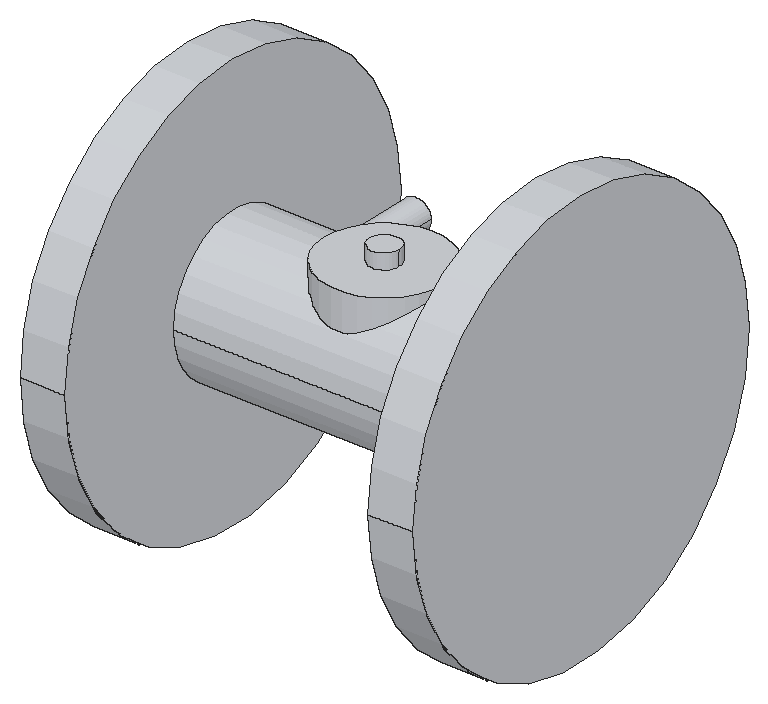
Revit family "2dced6122ee14ba4861a2d80f6b4cbbc", category Pipe Accessories, Revit 2021
Family settings
  Round Connector Dimension = Use Radius
  Part Type = Valve - Breaks Into
  OmniClass Number = 23.65.55.14.17
  OmniClass Title = Adjusting/Controlling Valves for Liquid Services
  Seek Item ID = Circuit Setter - 2.5-4 Inch-0000-USA-ENU
  Work Plane-Based = No
  Always vertical = Yes
  Cut with Voids When Loaded = No
  Shared = No
Parameters (values of type "2 1/2"")
  Radius 1 = Nominal Radius * 0.8  # 0' - 1"
  Overall Length = 0' - 6 9/16"
  Outside Radius = Nominal Radius * 1.5  # 0' - 1 7/8"
  Nominal Radius = 1 1/4"
  Nominal Diameter = Nominal Radius * 2  # 2 1/2"
  Length 2 = Outside Radius + 0' 1 1/4"  # 0' - 3 1/8"
  Length 1 = 0.2 * Overall Length  # 0' - 1 5/16"
  K Coefficient = 1
  Height 1 = Nominal Radius * 1.1  # 0' - 1 3/8"
  Flange Radius = Flange Diameter / 2  # 0' - 3 1/2"
  Flange Diameter = 0' - 7"
  Diameter 1 = Nominal Radius * 1.6  # 0' - 2"
  Default Elevation = 0' - 0"
  Circuit Setter Material = none
Types (4): name | Radius 1 | Overall Length | Outside Radius | Nominal Radius | Nominal Diameter | Length 2 | Length 1 | K Coefficient | Height 1 | Flange Radius | Flange Diameter | Diameter 1
  (no name) | 0' - 1" | 0' - 6 9/16" | 0' - 1 7/8" | 1 1/4" | 2 1/2" | 0' - 3 1/8" | 0' - 1 5/16" | 1 | 0' - 1 3/8" | 0' - 3 1/2" | 0' - 7" | 0' - 2"
  2 1/2" | 0' - 1" | 0' - 6 9/16" | 0' - 1 7/8" | 1 1/4" | 2 1/2" | 0' - 3 1/8" | 0' - 1 5/16" | 1 | 0' - 1 3/8" | 0' - 3 1/2" | 0' - 7" | 0' - 2"
  3" | 0' - 1.2" | 0' - 6 13/16" | 0' - 2 1/4" | 1 1/2" | 3" | 0' - 3 1/2" | 0' - 1.3625" | 0.35 | 0' - 1.65" | 0' - 3 3/4" | 0' - 7 1/2" | 0' - 2.4"
  4" | 0' - 1.6" | 0' - 8" | 0' - 3" | 2" | 4" | 0' - 4 1/4" | 0' - 1.6" | 4.31 | 0' - 2.2" | 0' - 4 1/2" | 0' - 9" | 0' - 3.2"
Reference planes (in)
  plane 1 "Center (Front/Back)": y = 0
  plane 2 "Center (Elevation)": z = 0
  plane 3 "Center (Left/Right)": x = 0
  plane 4: x = -3.28125
  plane 5: x = 3.28125
  plane 6: y = 3.125
  plane 7: y = -3.125
  plane 8: x = -1.96875
  plane 9: x = 1.96875
  plane 10: x = -2.53125
  plane 11: x = 2.53125
  plane 12: z = 1.375
  plane 13: z = 1.625
Forms (in)
  Extrusion 1, solid, material <- "Circuit Setter Material", detail levels fine
    sketch origin (0, 0, 0) x (0, 1, 0) y (0, 0, 1)
      loop
        circle (0, 0) r 3.5
    from 2.53125 to 3.28125
  Extrusion 2, solid, material <- "Circuit Setter Material", detail levels fine
    sketch origin (0, 0, 0) x (0, 1, 0) y (0, 0, -1)
      loop
        circle (0, 0) r 3.5
    from 2.53125 to 3.28125
  Extrusion 3, solid, material <- "Circuit Setter Material", detail levels fine
    sketch origin (4.8, 0, 0) x (0, 1, 0) y (0, 0, -1)
      loop
        circle (0, 0) r 1.25
    from 2.26875 to 7.33125
  Extrusion 4, solid, material <- "Circuit Setter Material", detail levels fine
    sketch origin (0, 0, 0) x (1, 0, 0) y (0, 0, 1)
      loop
        circle (-1.96875, 0) r 0.25
    from 0 to -3.125
  Extrusion 5, solid, material <- "Circuit Setter Material", detail levels fine
    sketch origin (0, 0, 0) x (-1, 0, 0) y (0, 0, -1)
      loop
        circle (-1.96875, 0) r 0.25
    from 0 to -3.125
  Extrusion 6, solid, material <- "Circuit Setter Material", detail levels fine
    sketch origin (0, 0, 0) x (1, 0, 0) y (0, 1, 0)
      loop
        circle (0, 0) r 1
    from 0 to 1.375
  Extrusion 7, solid, material <- "Circuit Setter Material", detail levels fine
    sketch origin (0, 0, 0) x (1, 0, 0) y (0, 1, 0)
      loop
        circle (0, 0) r 0.25
    from 1.375 to 1.625
Cuts and joins
  joined: Extrusion 1, Extrusion 2, Extrusion 3, Extrusion 4, Extrusion 5, Extrusion 6, Extrusion 7
Lines and regions (in)
  model lines, detail levels coarse+medium
    curve 1: line (0, 0, 0) -> (3.28125, -1.89443, 0)
    curve 2: line (0, 0, 0) -> (3.28125, 1.89443, 0)
    curve 3: line (0, 0, 0) -> (-3.28125, 1.89443, 0)
    curve 4: line (0, 0, 0) -> (-3.28125, -1.89443, 0)
    curve 5: line (-3.28125, -1.89443, 0) -> (-3.28125, 1.89443, 0)
    curve 6: line (3.28125, 1.89443, 0) -> (3.28125, -1.89443, 0)
Dimensions and locks (in)
  equal spacing: plane 4, plane 3 "Center (Left/Right)", plane 5
  "Length 2": plane 6 to plane 1 "Center (Front/Back)"
  "Overall Length": plane 4 to plane 5
  equal spacing: plane 6, plane 1 "Center (Front/Back)", plane 7
  "Length 1": plane 4 to plane 8
  "Length 1": plane 9 to plane 5
  locked: plane 4 to plane 10 at 0.75
  locked: plane 11 to plane 5 at 0.75
  "Height 1": plane 12 to plane 2 "Center (Elevation)"
  locked: plane 13 to plane 12 at 0.25
  "Flange Radius": radius of Extrusion 1 sketch curve
  "Flange Radius": radius of Extrusion 2 sketch curve
  radius of Extrusion 3 sketch curve = 0' - 1 1/4"
  radius of Extrusion 4 sketch curve = 0' - 0 1/4"
  radius of Extrusion 5 sketch curve = 0' - 0 1/4"
  "Radius 1": radius of Extrusion 6 sketch curve
  radius of Extrusion 7 sketch curve = 0' - 0 1/4"
  locked: plane 1 "Center (Front/Back)" to curve 2 (angle 30.00°)
  locked: curve 1 to plane 1 "Center (Front/Back)" (angle 30.00°)
  locked: curve 3 to plane 1 "Center (Front/Back)" (angle 30.00°)
  locked: plane 1 "Center (Front/Back)" to curve 4 (angle 30.00°)
  aligned and locked: plane 1 "Center (Front/Back)" to Extrusion 1 sketch curve
  aligned and locked: plane 2 "Center (Elevation)" to Extrusion 1 sketch curve
  aligned and locked: plane 5 to Extrusion 1
  aligned and locked: Extrusion 1 to plane 11
  aligned and locked: Extrusion 2 to plane 4
  aligned and locked: plane 10 to Extrusion 2
  aligned and locked: Extrusion 3 to plane 10
  aligned and locked: plane 11 to Extrusion 3
  aligned and locked: level to Extrusion 4 sketch curve
  aligned and locked: plane 8 to Extrusion 4 sketch curve
  aligned and locked: level to Extrusion 5 sketch curve
  aligned and locked: plane 9 to Extrusion 5 sketch curve
  aligned and locked: plane 6 to Extrusion 5
  aligned and locked: plane 6 to Extrusion 4
  aligned and locked: plane 1 "Center (Front/Back)" to curve 1
  aligned and locked: plane 5 to curve 1
  aligned and locked: plane 3 "Center (Left/Right)" to curve 2
  aligned and locked: plane 1 "Center (Front/Back)" to Extrusion 6 sketch curve
  aligned and locked: plane 3 "Center (Left/Right)" to Extrusion 6 sketch curve
  aligned and locked: plane 12 to Extrusion 6
  aligned and locked: Extrusion 6 to level
  aligned and locked: plane 1 "Center (Front/Back)" to Extrusion 7 sketch curve
  aligned and locked: plane 13 to Extrusion 7
  aligned and locked: Extrusion 7 to cut or joined group of Extrusion 1, Extrusion 2, Extrusion 3, Extrusion 4, Extrusion 5, Extrusion 6, Extrusion 7
  aligned and locked: plane 4 to curve 3
Automatic sketch dimensions
  Extrusion 7 sketch curve to plane 3 "Center (Left/Right)" = 0' - 0"
  Extrusion 2 sketch curve to level = 0' - 0"
  Extrusion 2 sketch curve to plane 1 "Center (Front/Back)" = 0' - 0"
  Extrusion 3 sketch curve to level = 0' - 0"
  Extrusion 3 sketch curve to plane 1 "Center (Front/Back)" = 0' - 0"
Connectors (in)
  piping at (-3.28125, 0, 0), diameter 2.5, driven by "Nominal Radius"
    settings: on Extrusion 2, index 1, connector inside diameter 2 1/2", connector length 0' - 0", flow factor 0, pipe flow 0 GPM, pressure drop 0.00 psi, fitting loss kfactor 0, connector angle 0.00°, fixture units 0, engagement length 0' - 0", angle of deflection 0.00°, flow configuration 0, flow direction 0, fitting loss method 2, system type 29, joint type 0, gender type 0, connector reference index 2, connector utility 0, adjustable connector no, is connector primary yes, connector description ""
  piping at (3.28125, 0, 0), diameter 2.5, driven by "K Coefficient", driven by "Nominal Radius"
    settings: on Extrusion 1, index 2, connector inside diameter 2 1/2", connector length 0' - 0", flow factor 0, pipe flow 0 GPM, pressure drop 0.00 psi, fitting loss kfactor 1, connector angle 0.00°, fixture units 0, engagement length 0' - 0", angle of deflection 0.00°, flow configuration 0, flow direction 0, fitting loss method 2, system type 29, joint type 0, gender type 0, connector reference index 1, connector utility 0, adjustable connector no, is connector primary no, connector description ""
